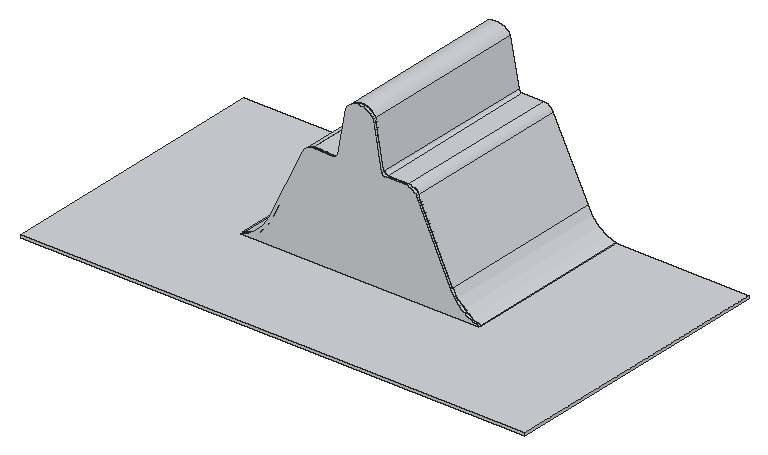
Revit family "Loose Rib Closure (Over Cap)", category Mechanical Equipment, Revit 2015
Parameters
  URL = "https://unitedenertech.com/catalog/pdf/M_39%20LOOSE%20RIB%20CLOSURES.pdf"
  Type Comments = "Standard Rib Closure Shown, Consult Factory for Custom Option Models."
  Model = "Loose Rib Closure (Over Cap)"
  Manufacturer = "United Enertech Corporation"
  Description = "Loose Rib Closure (Over Cap)"
Reference planes (in)
  plane 1 "Center (Front/Back)": y = 0
  plane 2: z = 0
  plane 3 "Center (Left/Right)": x = 0
  plane 4: y = -3
  plane 5: y = -5
  plane 6: x = -4.5
  plane 7: x = 4.5
  plane 8: z = 0.0478
  plane 9: x = 2.125
  plane 10: x = -2.125
  plane 11: z = 2.8536
Forms (in)
  Extrusion 1, solid
    sketch origin (0, 0, 0) x (1, 0, 0) y (0, 1, 0)
      loop
        line (-4.5, 0) -> (-4.5, -5) -> (4.5, -5) -> (4.5, 0) -> (2.125, 0) -> (2.125, -3) -> (-2.125, -3) -> (-2.125, 0) -> (-4.5, 0)
    from 0 to 0.0478
  Extrusion 2, solid
    sketch origin (0, 0, 0) x (1, 0, 0) y (0, 0, 1)
      loop
        arc (-1.625, 0.4837) -> (-1.83025, 0.21442) -> (-2.125, 0.0478) r 0.84177
        line (-2.125, 0.0478) -> (-2.125, 0)
        arc (-2.125, 0) -> (-1.80512, 0.17462) -> (-1.58277, 0.46336) r 0.88475
        line (-1.58277, 0.46336) -> (-0.97277, 1.73006)
        arc (-0.97277, 1.73006) -> (-0.91978, 1.79101) -> (-0.84316, 1.81653) r 0.15313
        line (-0.84316, 1.81653) -> (-0.45925, 1.81653)
        arc (-0.45925, 1.81653) -> (-0.38989, 1.84127) -> (-0.35186, 1.90434) r 0.10957
        line (-0.35186, 1.90434) -> (-0.2021, 2.69361)
        arc (-0.2021, 2.69361) -> (0, 2.80905) -> (0.2021, 2.69361) r 0.23462
        line (0.2021, 2.69361) -> (0.35186, 1.90434)
        arc (0.35186, 1.90434) -> (0.38989, 1.84127) -> (0.45925, 1.81653) r 0.10957
        line (0.45925, 1.81653) -> (0.84316, 1.81653)
        arc (0.84316, 1.81653) -> (0.91978, 1.79101) -> (0.97277, 1.73006) r 0.15313
        line (0.97277, 1.73006) -> (1.58277, 0.46336)
        arc (1.58277, 0.46336) -> (1.80512, 0.17462) -> (2.125, 0) r 0.88475
        line (2.125, 0) -> (2.125, 0.0478)
        arc (2.125, 0.0478) -> (1.83025, 0.21442) -> (1.625, 0.4837) r 0.84177
        line (1.625, 0.4837) -> (1.015, 1.7504)
        arc (1.015, 1.7504) -> (0.94522, 1.83038) -> (0.84435, 1.8634) r 0.20001
        line (0.84435, 1.8634) -> (0.45925, 1.8634)
        arc (0.45925, 1.8634) -> (0.41966, 1.87748) -> (0.39785, 1.9134) r 0.0627
        line (0.39785, 1.9134) -> (0.2467, 2.71)
        arc (0.2467, 2.71) -> (0, 2.85593) -> (-0.2467, 2.71) r 0.2815
        line (-0.2467, 2.71) -> (-0.39785, 1.9134)
        arc (-0.39785, 1.9134) -> (-0.41966, 1.87748) -> (-0.45925, 1.8634) r 0.0627
        line (-0.45925, 1.8634) -> (-0.84435, 1.8634)
        arc (-0.84435, 1.8634) -> (-0.94522, 1.83038) -> (-1.015, 1.7504) r 0.20001
        line (-1.015, 1.7504) -> (-1.625, 0.4837)
    from 0 to 3
  Extrusion 3, solid
    sketch origin (0, 0, 0) x (1, 0, 0) y (0, 0, 1)
      loop
        arc (-1.625, 0.4837) -> (-1.83025, 0.21442) -> (-2.125, 0.0478) r 0.84177
        line (-2.125, 0.0478) -> (2.125, 0.0478)
        arc (2.125, 0.0478) -> (1.83025, 0.21442) -> (1.625, 0.4837) r 0.84177
        line (1.625, 0.4837) -> (1.015, 1.7504)
        arc (1.015, 1.7504) -> (0.94522, 1.83038) -> (0.84435, 1.8634) r 0.20001
        line (0.84435, 1.8634) -> (0.45925, 1.8634)
        arc (0.45925, 1.8634) -> (0.41966, 1.87748) -> (0.39785, 1.9134) r 0.0627
        line (0.39785, 1.9134) -> (0.2467, 2.71)
        arc (0.2467, 2.71) -> (0, 2.85593) -> (-0.2467, 2.71) r 0.2815
        line (-0.2467, 2.71) -> (-0.39785, 1.9134)
        arc (-0.39785, 1.9134) -> (-0.41966, 1.87748) -> (-0.45925, 1.8634) r 0.0627
        line (-0.45925, 1.8634) -> (-0.84435, 1.8634)
        arc (-0.84435, 1.8634) -> (-0.94522, 1.83038) -> (-1.015, 1.7504) r 0.20001
        line (-1.015, 1.7504) -> (-1.625, 0.4837)
    from 3 to 3.0478
Dimensions and locks (in)
  locked: plane 4 to plane 5 at 2
  locked: plane 1 "Center (Front/Back)" to plane 4 at 3
  locked: plane 8 to level at 0.0478
  locked: plane 10 to plane 3 "Center (Left/Right)" at 2.125
  locked: plane 3 "Center (Left/Right)" to plane 9 at 2.125
  locked: plane 11 to plane 8 at 2.8058
  aligned and locked: level to plane 2
  aligned and locked: Extrusion 1 sketch curve to plane 6
  aligned and locked: Extrusion 1 sketch curve to plane 7
  aligned and locked: plane 1 "Center (Front/Back)" to Extrusion 1 sketch curve  (x2)
  aligned and locked: Extrusion 1 sketch curve to plane 4
  aligned and locked: plane 5 to Extrusion 1 sketch curve
  aligned and locked: Extrusion 1 to level
  aligned and locked: plane 8 to Extrusion 1
  aligned and locked: plane 10 to Extrusion 1
  aligned and locked: Extrusion 1 to plane 9
  aligned and locked: Extrusion 2 to plane 1 "Center (Front/Back)"
  aligned and locked: Extrusion 2 to plane 4
  aligned and locked: plane 4 to Extrusion 3
